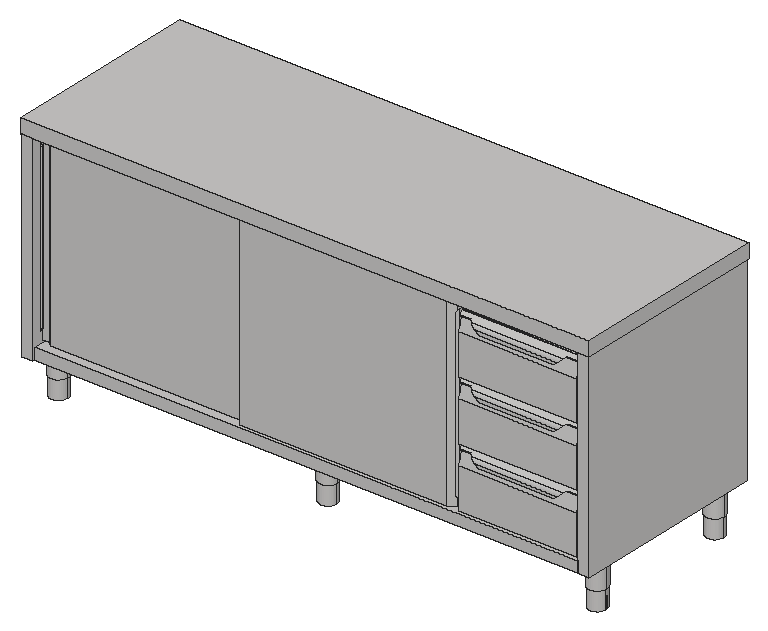
Revit family "QF_ELECTROLUXPROFESSIONAL_133263_MTA2000DXPN", category Attrezzature speciali, Revit 2020
Family settings
  Quota connettore circolare = Usa diametro
  Tipo di parte = Normale
  Basato su piano di lavoro = No
  Sempre verticale = Sì
  Taglio con vuoti quando caricato = No
  Condiviso = No
  Punto di calcolo locali = No
Parameters (values of type "Standard")
  Weight = 80.00 kg
  Watts = 0 W
  Volts = 0 V
  URL Manufacturer = "https://www.electroluxprofessional.com/"
  URL = "https://www.electroluxprofessional.com/"
  Steam Supply Size = 0 mm
  Steam Supply Minimum Pressure = 0.0 Pa
  Steam Supply Maximum Pressure = 0.0 Pa
  Steam Consumption per Hour = 0
  Refrigeration Suction Line Size = 0.0 mm
  Refrigeration Liquid Line Size = 0.0 mm
  Refrigerant Compressor Remote = yes
  Prospetto di default = 0.0 mm
  Phase = 0
  Modello = "MTA2000DXPN"
  Produttore = "Electrolux Professional"
  Length Actual = 2000.0 mm  # constant formula
  Item Number = "133263"
  Hot Water Size = 0 mm
  Height Actual = 900.0 mm  # constant formula
  HP = "0 HP"
  Gas Size = 0 mm
  Gas KW = 0
  Gas Input Pressure = 0 W
  Direct Waste Size = 0 mm
  Descrizione = "TABLE W/3 R/H DRAWERS+2 SLIDING D.2000MM"
  Depth Actual = 700.0 mm  # constant formula
  Cycle = 0 Hz
  Condensate Return Size = 0 mm
  Compressed Air Volume = 0.0 L/s
  Compressed Air Size = 0 mm
  Compressed Air Pressure = 0.0 Pa
  Cold Water Size = 0 mm
  Accessory = yes
Reference planes
  plane 1 "Center (Front/Back)": y = 0
  plane 2: z = 0
  plane 3 "Center Slide Doors": x = -209
  plane 4 "LEFT": x = -1000
  plane 5 "RIGHT": x = 1000
  plane 6 "BACK": y = 350
  plane 7 "FRONT": y = -350
  plane 8 "TOP": z = 900
  plane 9: x = -954
  plane 10: x = 954
  plane 11: y = 270
  plane 12: y = -247
  plane 13 "FEET": z = 150
  plane 14: x = -956.5
  plane 15: y = -344.5
  plane 16: x = 538.5
  plane 17: x = -233.5
  plane 18: x = -184.5
  plane 19 "BaseTop": z = 850
  plane 20: x = -994.5
  plane 21: y = 344.5
  plane 22: x = 536
  plane 23: x = 956.5
  plane 24 "FeetLeft": x = -947
  plane 25: x = 947
  plane 26 "Center (Left/Right)": x = 0
  plane 27: x = 994.5
Forms (mm)
  Extrusion 1, solid, material "QF_Finishes_Stainless Steel"
    sketch origin (0, 0, 150) x (-1, 0, 0) y (0, -1, 0)
      loop
        line (994.5, -350) -> (994.5, 350) -> (956.5, 350) -> (956.5, -350) -> (994.5, -350)
      loop
        line (-956.4, -350) -> (-956.4, 344.5) -> (-994.5, 344.5) -> (-994.5, -350) -> (-956.4, -350)
    from 0 to 700
  Extrusion 2, solid, material "QF_Finishes_Stainless Steel"
    sketch origin (0, 0, 150) x (-1, 0, 0) y (0, -1, 0)
      loop
        line (956.5, -347) -> (956.5, 344.5) -> (-956.5, 344.5) -> (-956.5, -347) -> (956.5, -347)
    from 0 to 40
  Extrusion 3, solid, material "QF_Finishes_Stainless Steel"
    sketch origin (33, 0, 150) x (-1, 0, 0) y (0, -1, 0)
      loop
        line (217.5, 324.5) -> (217.5, 304.5) -> (987, 304.5) -> (987, 319.071) -> (977.942, 328.129) -> (976.312, 326.5) -> (985, 317.812) -> (985, 309.5) -> (966.034, 309.5) -> (946.034, 324.5) -> (217.5, 324.5)
    from 700 to 50
  Extrusion 4, void
    sketch origin (0, -350, 0) x (-1, 0, 0) y (0, 0, 1)
      loop
        line (942.418, 247.973) -> (942.418, 191.4) -> (956.5, 191.4) -> (956.5, 229.369) -> (942.418, 247.973)
      loop
        line (942.418, 816.627) -> (956.5, 835.231) -> (956.5, 850) -> (942.418, 850) -> (942.418, 816.627)
    from 20.5 to 40.5
  Extrusion 5, solid, material "QF_Finishes_Stainless Steel"
    sketch origin (0, 0, 150) x (-1, 0, 0) y (0, -1, 0)
      loop
        line (-956.5, -350) -> (956.5, -350) -> (956.5, -327) -> (-956.5, -327) -> (-956.5, -350)
    from 700 to 40
  Extrusion 6, solid, material "QF_Finishes_Stainless Steel"
    sketch origin (-209, 0, 0) x (0, 1, 0) y (0, 0, 1)
      loop
        line (-350, 900) -> (-350, 850) -> (350, 850) -> (350, 900) -> (-350, 900)
    from 1209 to -791
  Extrusion 7, solid, material "QF_Finishes_Stainless Steel"
    sketch origin (-847, -20, 150) x (1, 0, 0) y (0, 1, 0)
      loop
        line (613.5, -324.5) -> (1344.034, -324.5) -> (1364.034, -309.5) -> (1381, -309.5) -> (1381, -317.812) -> (1374.312, -324.5) -> (1375.942, -326.129) -> (1383, -319.071) -> (1383, -304.5) -> (613.5, -304.5) -> (613.5, -324.5)
    from 700 to 50
  Extrusion 8, void
    sketch origin (-814, -350, 0) x (1, 0, 0) y (0, 0, -1)
      loop
        line (1340.418, -247.973) -> (1352.5, -229.369) -> (1352.5, -191.4) -> (1340.418, -191.4) -> (1340.418, -247.973)
      loop
        line (1340.418, -816.627) -> (1340.418, -850) -> (1352.5, -850) -> (1352.5, -835.231) -> (1340.418, -816.627)
    from 2.49 to 20.5
  Extrusion 9, solid, material "QF_Finishes_Stainless Steel"
    sketch origin (0, 0, 850) x (-1, 0, 0) y (0, -1, 0)
      loop
        line (-956.5, 304.5) -> (-956.5, 299.5) -> (-954, 299.5) -> (-954, 304.5) -> (-956.5, 304.5)
    from 0 to -2
Cuts and joins
  Extrusion 4, Extrusion 8 cuts Extrusion 3
  Extrusion 8 cuts Extrusion 1
  Extrusion 8 cuts Extrusion 6
  Extrusion 8 cuts Extrusion 7
Lines and regions (mm)
  symbolic lines, style "SpecialityEquipment"
    curve 1: line (-1000, 350, 850) -> (1000, 350, 850)
    curve 2: line (-1000, -350, 850) -> (-1000, 350, 850)
    curve 3: line (1000, -350, 850) -> (-1000, -350, 850)
    curve 4: line (1000, 350, 850) -> (1000, -350, 850)
    curve 17: line (-1000, 337, 850) -> (1000, 337, 850)
  symbolic lines, style "SpecialityEquipmentHiddenLines"
    curve 5: line (-233.5, -324.5, 200) -> (-233.5, -344.5, 200)
    curve 6: line (-954, -304.5, 850) -> (-184.5, -304.5, 850)
    curve 7: line (-184.5, -304.5, 850) -> (-184.5, -324.5, 850)
    curve 8: line (-184.5, -324.5, 850) -> (-913.034, -324.5, 850)
    curve 9: line (-913.034, -324.5, 850) -> (-933.034, -309.5, 850)
    curve 10: line (-933.034, -309.5, 850) -> (-954, -309.5, 850)
    curve 11: line (-954, -309.5, 850) -> (-954, -304.5, 850)
    curve 12: line (-233.5, -344.5, 850) -> (497.034, -344.5, 850)
    curve 13: line (497.034, -344.5, 850) -> (517.034, -329.5, 850)
    curve 14: line (517.034, -329.5, 850) -> (536, -329.5, 850)
    curve 15: line (536, -329.5, 850) -> (536, -324.5, 850)
    curve 16: line (536, -324.5, 850) -> (-184.5, -324.5, 850)
Dimensions and locks
  plane 6 "BACK" to plane 7 "FRONT" = 700.0 mm
  equal spacing: plane 6 "BACK", plane 1 "Center (Front/Back)", plane 7 "FRONT"
  locked: plane 13 "FEET" to level at 150
  locked: plane 6 "BACK" to plane 11 at 80
  locked: plane 12 to plane 7 "FRONT" at 103
  plane 17 to plane 18 = 49.0 mm
  equal spacing: plane 17, plane 3 "Center Slide Doors", plane 18
  locked: plane 4 "LEFT" to plane 20 at 5.5
  locked: plane 20 to plane 14 at 38
  plane 15 to plane 7 "FRONT" = 5.5 mm  (x2)
  plane 6 "BACK" to plane 21 = 5.5 mm
  locked: plane 22 to plane 16 at 2.5
  equal spacing: plane 9, plane 3 "Center Slide Doors", plane 22
  locked: plane 9 to plane 22 at 1490
  locked: plane 4 "LEFT" to plane 5 "RIGHT" at 2000
  locked: plane 24 "FeetLeft" to plane 20 at 47.5
  locked: plane 8 "TOP" to level at 900
  locked: plane 27 to plane 5 "RIGHT" at 5.5
  locked: plane 23 to plane 27 at 38
  locked: plane 10 to plane 23 at 2.5
  locked: plane 27 to plane 25 at 47.5
  equal spacing: plane 4 "LEFT", plane 26 "Center (Left/Right)", plane 5 "RIGHT"
  locked: plane 14 to plane 9 at 2.5
  aligned and locked: level to plane 2
  aligned and locked: nested 4 to plane 11
  aligned and locked: nested 3 to plane 11
  aligned and locked: plane 6 "BACK" to Extrusion 1 sketch curve
  aligned and locked: Extrusion 1 sketch curve to plane 6 "BACK"
  aligned and locked: Extrusion 1 sketch curve to plane 7 "FRONT"
  aligned and locked: plane 14 to Extrusion 1
  aligned and locked: Extrusion 2 to plane 14
  aligned and locked: Extrusion 2 to plane 15
  aligned and locked: nested 1 to plane 12
  aligned and locked: nested 2 to plane 12
  aligned and locked: plane 18 to Extrusion 3
  aligned and locked: nested 4 to nested 2
  aligned and locked: Extrusion 5 to plane 14
  aligned and locked: plane 19 "BaseTop" to Extrusion 3
  aligned and locked: plane 19 "BaseTop" to Extrusion 5
  aligned and locked: Extrusion 6 to plane 4 "LEFT"
  aligned and locked: plane 5 "RIGHT" to Extrusion 6
  aligned and locked: plane 23 to Extrusion 2 sketch curve
  aligned and locked: plane 24 "FeetLeft" to nested 1
  aligned and locked: nested 3 to nested 1
  aligned and locked: plane 25 to nested 2
  aligned and locked: nested 5 to plane 26 "Center (Left/Right)"
  aligned and locked: nested 6 to nested 5
  aligned and locked: Extrusion 5 to plane 23
  aligned and locked: plane 27 to cut or joined group of Extrusion 1, Extrusion 8
Automatic sketch dimensions
  Extrusion 1 sketch curve to plane 15 = 0.0 mm
  Extrusion 1 sketch curve to plane 14 = 0.0 mm
  Extrusion 1 sketch curve to plane 20 = 0.0 mm
  plane 23 to Extrusion 1 sketch curve = 0.1 mm
  Extrusion 2 sketch curve to plane 14 = 0.0 mm
  Extrusion 2 sketch curve to plane 15 = 0.0 mm
  plane 21 to Extrusion 2 sketch curve = 2.5 mm
  Extrusion 3 sketch curve to plane 18 = 0.0 mm
  Extrusion 3 sketch curve to plane 9 = 0.0 mm
  plane 24 "FeetLeft" to Extrusion 3 sketch curve = 33.966 mm
  plane 24 "FeetLeft" to Extrusion 3 sketch curve = 13.966 mm
  plane 24 "FeetLeft" to Extrusion 3 sketch curve = 3.688 mm
  plane 24 "FeetLeft" to Extrusion 3 sketch curve = 2.058 mm
  plane 9 to Extrusion 3 sketch curve = 2.0 mm
  plane 15 to Extrusion 3 sketch curve = 40.0 mm
  Extrusion 3 sketch curve to Extrusion 3 sketch curve = 5.0 mm
  Extrusion 3 sketch curve to Extrusion 3 sketch curve = 8.312 mm
  Extrusion 3 sketch curve to Extrusion 3 sketch curve = 1.259 mm
  plane 15 to Extrusion 3 sketch curve = 20.0 mm
  Extrusion 4 sketch curve to plane 19 "BaseTop" = 0.0 mm
  Extrusion 4 sketch curve to plane 14 = 0.0 mm  (x2)
  plane 24 "FeetLeft" to Extrusion 4 sketch curve = 4.582 mm  (x2)
  Extrusion 4 sketch curve to Extrusion 4 sketch curve = 14.769 mm
  Extrusion 4 sketch curve to Extrusion 4 sketch curve = 18.604 mm  (x2)
  plane 13 "FEET" to Extrusion 4 sketch curve = 97.973 mm
  Extrusion 4 sketch curve to Extrusion 4 sketch curve = 37.969 mm
  curve 5 to plane 15 = 0.0 mm
  curve 5 to plane 17 = 0.0 mm
  plane 15 to curve 5 = 20.0 mm
  Extrusion 5 sketch curve to plane 6 "BACK" = 0.0 mm
  Extrusion 5 sketch curve to plane 23 = 0.0 mm
  Extrusion 5 sketch curve to plane 14 = 0.0 mm
  plane 21 to Extrusion 5 sketch curve = 17.5 mm
  curve 17 to plane 5 "RIGHT" = 0.0 mm
  curve 16 to plane 22 = 0.0 mm
  curve 13 to plane 15 = 0.0 mm
  curve 7 to plane 18 = 0.0 mm
  curve 12 to plane 17 = 0.0 mm
  curve 11 to plane 9 = 0.0 mm
  curve 3 to plane 4 "LEFT" = 0.0 mm
  curve 1 to plane 6 "BACK" = 0.0 mm
  curve 3 to plane 7 "FRONT" = 0.0 mm
  curve 14 to curve 14 = 18.966 mm
  curve 13 to curve 13 = 20.0 mm
  plane 24 "FeetLeft" to curve 9 = 33.966 mm
  plane 24 "FeetLeft" to curve 9 = 13.966 mm
  plane 15 to curve 7 = 40.0 mm
  curve 6 to curve 10 = 5.0 mm
  plane 15 to curve 8 = 20.0 mm
  curve 15 to curve 15 = 5.0 mm
  curve 17 to plane 21 = 7.5 mm
  Extrusion 6 sketch curve to plane 7 "FRONT" = 0.0 mm
  Extrusion 6 sketch curve to plane 6 "BACK" = 0.0 mm
  Extrusion 6 sketch curve to plane 19 "BaseTop" = 0.0 mm
  Extrusion 7 sketch curve to plane 17 = 0.0 mm
  Extrusion 7 sketch curve to plane 15 = 0.0 mm  (x2)
  Extrusion 7 sketch curve to plane 22 = 0.0 mm
  plane 22 to Extrusion 7 sketch curve = 38.966 mm
  plane 22 to Extrusion 7 sketch curve = 18.966 mm
  plane 22 to Extrusion 7 sketch curve = 8.688 mm
  plane 15 to Extrusion 7 sketch curve = 1.629 mm
  Extrusion 7 sketch curve to Extrusion 7 sketch curve = 1.629 mm
  plane 22 to Extrusion 7 sketch curve = 2.0 mm
  Extrusion 7 sketch curve to plane 15 = 15.0 mm
  Extrusion 7 sketch curve to Extrusion 7 sketch curve = 5.0 mm
  Extrusion 8 sketch curve to plane 19 "BaseTop" = 0.0 mm
  Extrusion 8 sketch curve to plane 16 = 0.0 mm  (x2)
  plane 22 to Extrusion 8 sketch curve = 9.582 mm  (x2)
  Extrusion 8 sketch curve to Extrusion 8 sketch curve = 14.769 mm
  Extrusion 8 sketch curve to Extrusion 8 sketch curve = 18.604 mm  (x2)
  Extrusion 8 sketch curve to plane 13 "FEET" = 97.973 mm
  Extrusion 8 sketch curve to Extrusion 8 sketch curve = 37.969 mm
  Extrusion 9 sketch curve to plane 23 = 0.0 mm
  Extrusion 9 sketch curve to plane 10 = 0.0 mm
  plane 15 to Extrusion 9 sketch curve = 45.0 mm
  Extrusion 9 sketch curve to Extrusion 9 sketch curve = 5.0 mm
  Extrusion 1 sketch curve to plane 5 "RIGHT" = 5.5 mm
  Extrusion 6 sketch curve to plane 8 "TOP" = 0.0 mm
Nested families
  nested 1: "FEET_D60-150" at (-947, -247, 0), type "FEET_D60-150"
  nested 2: "FEET_D60-150" at (947, -247, 0), type "FEET_D60-150"
  nested 3: "FEET_D60-150" at (-947, 270, 0), type "FEET_D60-150"
  nested 4: "FEET_D60-150" at (947, 270, 0), type "FEET_D60-150"
  nested 5: "FEET_D60-150" at (0, -247, 0), type "FEET_D60-150"
  nested 6: "FEET_D60-150" at (0, 270, 0), type "FEET_D60-150"
  nested 7: "H637_600_3DRAWERS" at (710.458, -304.5, 152) x (1, 0, 0) z (0, -1, 0), type "H637_600_3DRAWERS"
    with Show Clearance yes
Definition of nested family "FEET_D60-150"
  Parameters
    Default Elevation = 0.0 mm
    FEET = 150.0 mm
  Reference planes
    plane 1 "Center (Front/Back)": y = 0
    plane 2: z = 0
    plane 3 "Center (Left/Right)": x = 0
    plane 4: z = 150
  Forms (mm)
    Extrusion 1, solid
      sketch origin (0, 0, 0) x (1, 0, 0) y (0, 1, 0)
        loop
          circle (0, 0) r 28
      from 0 to 67
    Revolve 2, solid
      sketch origin (0, 0, 0) x (1, 0, 0) y (0, 0, 1)
        loop
          line (0, 0) -> (0, 150) -> (-32.939, 150) -> (-32.939, 67) -> (-30, 67) -> (-30, 0) -> (0, 0)
        axis (0, 150) -> (0, 0)
      angle from 0 to 360
  Lines and regions (mm)
    symbolic lines
      curve 1: line (0, -1.503, 0) -> (0, 1.508, 0)
      curve 2: line (1.561, 0, 0) -> (-1.439, 0, 0)
  Dimensions and locks
    "FEET": plane 4 to plane 2
    aligned and locked: level to plane 2
  Automatic sketch dimensions
    plane 1 "Center (Front/Back)" to Extrusion 1 sketch curve = 0.0 mm
    Extrusion 1 sketch curve to plane 3 "Center (Left/Right)" = 0.0 mm
    plane 1 "Center (Front/Back)" to curve 2 = 0.0 mm
    curve 1 to plane 3 "Center (Left/Right)" = 0.0 mm
    curve 2 to plane 3 "Center (Left/Right)" = 1.439 mm
    plane 3 "Center (Left/Right)" to curve 2 = 1.561 mm
    plane 1 "Center (Front/Back)" to curve 1 = 1.503 mm
    curve 1 to plane 1 "Center (Front/Back)" = 1.508 mm
    Revolve 2 sketch curve to plane 4 = 0.0 mm
    Revolve 2 sketch curve to level = 0.0 mm
    Revolve 2 sketch curve to plane 3 "Center (Left/Right)" = 0.0 mm  (x2)
    Revolve 2 sketch curve to plane 3 "Center (Left/Right)" = 30.0 mm
    Revolve 2 sketch curve to plane 3 "Center (Left/Right)" = 32.939 mm
    level to Revolve 2 sketch curve = 67.0 mm
    Revolve 2 sketch curve to level = 42.207 mm
    Revolve 2 sketch curve to Revolve 2 sketch curve = 10.0 mm
    radius of Extrusion 1 sketch curve = 28.0 mm
Definition of nested family "H637_600_3DRAWERS"
  Parameters
    Width = 419.0 mm
    Show Clearance [instance] = yes
    Model = "727995"
    Height = 700.0 mm
    Default Elevation = 0.0 mm
  Reference planes
    plane 1 "Center (Front/Back)": y = 0
    plane 2: z = 0
    plane 3 "Center (Left/Right)": x = 36.042
    plane 4 "panel": z = 25
    plane 5 "Left": x = -173.458
    plane 6 "Right": x = 245.542
    plane 7: y = 700
    plane 8: z = 45
    plane 9: x = 243.542
    plane 10: x = -171.458
    plane 11: y = 676
    plane 12: y = 38
    plane 13: z = 499.734
    plane 14: y = 470
    plane 15: y = 465
    plane 16: y = 259
    plane 17: y = 254
    plane 18: y = 48
  Forms (mm)
    Extrusion 1, solid
      sketch origin (0, -919.2, 0) x (1, 0, 0) y (0, 1, 0)
        loop
          line (-980.5, 2119.2) -> (-980.5, -162.846) -> (881.94, -162.846) -> (881.94, 2119.2) -> (-980.5, 2119.2)
      from 0 to -59.546
    Extrusion 2, solid
      sketch origin (36.042, -645.693, 0) x (0, 1, 0) y (0, 0, 1)
        loop
          line (856.63, 49.734) -> (856.63, 47.734) -> (866.98, 47.734)
          arc (866.98, 47.734) -> (873.586, 46.42) -> (879.186, 42.679) r 17.261
          line (879.186, 42.679) -> (896.019, 25.845) -> (899.693, 25) -> (880.6, 44.093)
          arc (880.6, 44.093) -> (874.351, 48.268) -> (866.98, 49.734) r 19.261
          line (866.98, 49.734) -> (856.63, 49.734)
      from -207.5 to 207.5
    Extrusion 3, solid, detail levels coarse
      sketch origin (0, 0, 0) x (1, 0, 0) y (0, 0, 1)
        loop
          line (-171.458, 40) -> (243.542, 40) -> (243.542, 499.734) -> (-171.458, 499.734) -> (-171.458, 40)
      from -48 to -254
    Extrusion 4, solid
      sketch origin (36.042, -616, 0) x (0, 1, 0) y (0, 0, 1)
        loop
          line (664.4, 40) -> (664.4, 0) -> (870, 0) -> (870, 25) -> (804.797, 40) -> (664.4, 40)
      from 207.5 to -207.5
    Extrusion 5, void
      sketch origin (0, 0, 0) x (1, 0, 0) y (0, 1, 0)
        loop
          line (-99.744, 213.799) -> (-133.705, 243.322) -> (-166.458, 243.322)
          arc (-166.458, 243.322) -> (-169.994, 244.786) -> (-171.458, 248.322) r 5
          line (-171.458, 248.322) -> (-171.458, 210.937) -> (-91.403, 210.937)
          arc (-91.403, 210.937) -> (-95.762, 211.819) -> (-99.744, 213.799) r 17.035
      from 36.678 to 53.74
    Extrusion 6, void
      sketch origin (72.084, 0, 0) x (-1, 0, 0) y (0, -1, 0)
        loop
          arc (-99.744, -213.799) -> (-95.762, -211.819) -> (-91.403, -210.937) r 17.035
          line (-91.403, -210.937) -> (-171.458, -210.937) -> (-171.458, -248.322)
          arc (-171.458, -248.322) -> (-169.994, -244.786) -> (-166.458, -243.322) r 5
          line (-166.458, -243.322) -> (-133.705, -243.322) -> (-99.744, -213.799)
      from 36.678 to 53.74
    Extrusion 7, solid
      sketch origin (36.042, -434.693, 0) x (0, 1, 0) y (0, 0, 1)
        loop
          line (856.63, 49.734) -> (856.63, 47.734) -> (866.98, 47.734)
          arc (866.98, 47.734) -> (873.586, 46.42) -> (879.186, 42.679) r 17.261
          line (879.186, 42.679) -> (896.019, 25.845) -> (899.693, 25) -> (880.6, 44.093)
          arc (880.6, 44.093) -> (874.351, 48.268) -> (866.98, 49.734) r 19.261
          line (866.98, 49.734) -> (856.63, 49.734)
      from -207.5 to 207.5
    Extrusion 8, solid
      sketch origin (36.042, -405, 0) x (0, 1, 0) y (0, 0, 1)
        loop
          line (664, 40) -> (664, 0) -> (870, 0) -> (870, 25) -> (804.797, 40) -> (664, 40)
      from 207.5 to -207.5
    Extrusion 9, void
      sketch origin (0, 211, 0) x (1, 0, 0) y (0, 1, 0)
        loop
          line (-99.744, 213.799) -> (-133.705, 243.322) -> (-166.458, 243.322)
          arc (-166.458, 243.322) -> (-169.994, 244.786) -> (-171.458, 248.322) r 5
          line (-171.458, 248.322) -> (-171.458, 210.937) -> (-91.403, 210.937)
          arc (-91.403, 210.937) -> (-95.762, 211.819) -> (-99.744, 213.799) r 17.035
      from 36.678 to 53.74
    Extrusion 10, void
      sketch origin (72.084, 211, 0) x (-1, 0, 0) y (0, -1, 0)
        loop
          arc (-99.744, -213.799) -> (-95.762, -211.819) -> (-91.403, -210.937) r 17.035
          line (-91.403, -210.937) -> (-171.458, -210.937) -> (-171.458, -248.322)
          arc (-171.458, -248.322) -> (-169.994, -244.786) -> (-166.458, -243.322) r 5
          line (-166.458, -243.322) -> (-133.705, -243.322) -> (-99.744, -213.799)
      from 36.678 to 53.74
    Extrusion 11, solid
      sketch origin (36.042, -223.693, 0) x (0, 1, 0) y (0, 0, 1)
        loop
          line (856.63, 49.734) -> (856.63, 47.734) -> (866.98, 47.734)
          arc (866.98, 47.734) -> (873.586, 46.42) -> (879.186, 42.679) r 17.261
          line (879.186, 42.679) -> (896.019, 25.845) -> (899.693, 25) -> (880.6, 44.093)
          arc (880.6, 44.093) -> (874.351, 48.268) -> (866.98, 49.734) r 19.261
          line (866.98, 49.734) -> (856.63, 49.734)
      from -207.5 to 207.5
    Extrusion 12, solid
      sketch origin (36.042, -194, 0) x (0, 1, 0) y (0, 0, 1)
        loop
          line (664, 40) -> (664, 0) -> (870, 0) -> (870, 25) -> (804.797, 40) -> (664, 40)
      from 207.5 to -207.5
    Extrusion 13, void
      sketch origin (0, 422, 0) x (1, 0, 0) y (0, 1, 0)
        loop
          line (-99.744, 213.799) -> (-133.705, 243.322) -> (-166.458, 243.322)
          arc (-166.458, 243.322) -> (-169.994, 244.786) -> (-171.458, 248.322) r 5
          line (-171.458, 248.322) -> (-171.458, 210.937) -> (-91.403, 210.937)
          arc (-91.403, 210.937) -> (-95.762, 211.819) -> (-99.744, 213.799) r 17.035
      from 36.678 to 53.74
    Extrusion 14, void
      sketch origin (72.084, 422, 0) x (-1, 0, 0) y (0, -1, 0)
        loop
          arc (-99.744, -213.799) -> (-95.762, -211.819) -> (-91.403, -210.937) r 17.035
          line (-91.403, -210.937) -> (-171.458, -210.937) -> (-171.458, -248.322)
          arc (-171.458, -248.322) -> (-169.994, -244.786) -> (-166.458, -243.322) r 5
          line (-166.458, -243.322) -> (-133.705, -243.322) -> (-99.744, -213.799)
      from 36.678 to 53.74
    Extrusion 15, solid, detail levels coarse
      sketch origin (0, 0, 0) x (1, 0, 0) y (0, 0, 1)
        loop
          line (-171.458, 40) -> (243.542, 40) -> (243.542, 499.734) -> (-171.458, 499.734) -> (-171.458, 40)
      from -259 to -465
    Extrusion 16, solid, detail levels coarse
      sketch origin (0, 0, 0) x (1, 0, 0) y (0, 0, 1)
        loop
          line (-171.458, 40) -> (243.542, 40) -> (243.542, 499.734) -> (-171.458, 499.734) -> (-171.458, 40)
      from -470 to -676
  Cuts and joins
    Extrusion 5, Extrusion 6, Extrusion 9, Extrusion 10 cuts Extrusion 2
    Extrusion 5 cuts Extrusion 4
    Extrusion 9, Extrusion 10, Extrusion 13, Extrusion 14 cuts Extrusion 7
    Extrusion 13, Extrusion 14 cuts Extrusion 11
  Lines and regions (mm)
    symbolic lines
      curve 1: line (243.542, 0, 179.734) -> (243.542, 0, 199.734)
      curve 2: line (212.235, 0, 49.734) -> (-171.458, 0, 49.734)
      curve 3: spline (231.959, 0, 44.389) -> (230.421, 0, 45.265) -> (228.856, 0, 46.066) -> (227.265, 0, 46.791) -> (225.651, 0, 47.437) -> (224.017, 0, 48.005) -> (222.365, 0, 48.493) -> (220.698, 0, 48.9) -> (219.019, 0, 49.226) -> (217.331, 0, 49.471) -> (215.636, 0, 49.633) -> (213.936, 0, 49.712) -> (212.236, 0, 49.71)
      curve 4: line (238.456, 0, 40) -> (231.959, 0, 44.389)
      curve 5: line (243.542, 0, 500) -> (-171.458, 0, 500)
      curve 6: line (243.542, 0, 349.734) -> (-171.458, 0, 349.734)
      curve 7: line (243.542, 0, 199.734) -> (-171.458, 0, 199.734)
      curve 8: line (243.542, 0, 480) -> (-171.458, 0, 480)
      curve 9: line (243.542, 0, 329.734) -> (-171.458, 0, 329.734)
      curve 10: line (243.542, 0, 179.734) -> (-171.458, 0, 179.734)
      curve 11: line (-156.458, 0, 49.734) -> (-156.458, 0, 179.734)
      curve 12: line (-156.458, 0, 349.734) -> (-156.458, 0, 480)
      curve 13: line (-156.458, 0, 199.734) -> (-156.458, 0, 329.734)
      curve 14: line (228.542, 0, 49.734) -> (228.542, 0, 179.734)
      curve 15: line (228.542, 0, 349.734) -> (228.542, 0, 480)
      curve 16: line (228.542, 0, 199.734) -> (228.542, 0, 329.734)
      curve 17: line (243.542, 0, 480) -> (243.542, 0, 500)
      curve 18: line (243.542, 0, 329.734) -> (243.542, 0, 349.734)
      curve 19: line (-171.458, 0, 179.734) -> (-171.458, 0, 199.734)
      curve 20: line (-171.458, 0, 480) -> (-171.458, 0, 500)
      curve 21: line (-171.458, 0, 329.734) -> (-171.458, 0, 349.734)
  Dimensions and locks
    plane 4 "panel" to level = 25.0 mm
    "Width": plane 5 "Left" to plane 6 "Right"
    equal spacing: plane 5 "Left", plane 3 "Center (Left/Right)", plane 6 "Right"
    "Height": plane 1 "Center (Front/Back)" to plane 7
    plane 9 to plane 6 "Right" = 2.0 mm
    plane 5 "Left" to plane 10 = 2.0 mm
    plane 7 to plane 11 = 24.0 mm
    plane 1 "Center (Front/Back)" to plane 12 = 38.0 mm
    plane 10 to plane 9 = 415.0 mm
    plane 11 to plane 14 = 206.0 mm
    locked: plane 14 to plane 15 at 5
    plane 15 to plane 16 = 206.0 mm
    locked: plane 16 to plane 17 at 5
    plane 17 to plane 18 = 206.0 mm  (x2)
    plane 16 to plane 17 = 5.0 mm
    plane 14 to plane 15 = 5.0 mm
    plane 16 to plane 15 = 206.0 mm
    plane 14 to plane 11 = 206.0 mm
    aligned and locked: plane 2 to Extrusion 1
    aligned and locked: level to Extrusion 1
    aligned and locked: plane 9 to Extrusion 4
    aligned and locked: plane 10 to Extrusion 4
  Automatic sketch dimensions
    Extrusion 1 sketch curve to Extrusion 1 sketch curve = 1862.44 mm
    Extrusion 1 sketch curve to Extrusion 1 sketch curve = 2282.046 mm
    Extrusion 2 sketch curve to Extrusion 2 sketch curve = 0.0 mm  (x2)
    Extrusion 2 sketch curve to plane 4 "panel" = 0.0 mm
    Extrusion 2 sketch curve to plane 17 = 0.0 mm
    plane 4 "panel" to Extrusion 2 sketch curve = 0.845 mm
    Extrusion 2 sketch curve to plane 17 = 3.674 mm
    Extrusion 2 sketch curve to plane 8 = 0.907 mm
    Extrusion 2 sketch curve to plane 17 = 19.093 mm
    Extrusion 2 sketch curve to plane 8 = 2.321 mm
    Extrusion 2 sketch curve to Extrusion 2 sketch curve = 1.414 mm
    plane 4 "panel" to Extrusion 2 sketch curve = 5.474 mm
    Extrusion 2 sketch curve to Extrusion 2 sketch curve = 12.205 mm
    Extrusion 2 sketch curve to Extrusion 2 sketch curve = 10.351 mm
    Extrusion 4 sketch curve to level = 0.0 mm
    Extrusion 4 sketch curve to plane 4 "panel" = 0.0 mm
    Extrusion 4 sketch curve to plane 17 = 0.0 mm
    Extrusion 4 sketch curve to plane 8 = 5.0 mm
    Extrusion 4 sketch curve to plane 17 = 65.203 mm
    plane 18 to Extrusion 4 sketch curve = 0.4 mm
    Extrusion 7 sketch curve to Extrusion 7 sketch curve = 0.0 mm  (x2)
    Extrusion 7 sketch curve to plane 4 "panel" = 0.0 mm
    Extrusion 7 sketch curve to plane 15 = 0.0 mm
    plane 4 "panel" to Extrusion 7 sketch curve = 0.845 mm
    Extrusion 7 sketch curve to plane 15 = 3.674 mm
    Extrusion 7 sketch curve to plane 8 = 0.907 mm
    Extrusion 7 sketch curve to plane 15 = 19.093 mm
    Extrusion 7 sketch curve to plane 8 = 2.321 mm
    Extrusion 7 sketch curve to Extrusion 7 sketch curve = 1.414 mm
    plane 4 "panel" to Extrusion 7 sketch curve = 5.474 mm
    Extrusion 7 sketch curve to Extrusion 7 sketch curve = 12.205 mm
    Extrusion 7 sketch curve to Extrusion 7 sketch curve = 10.351 mm
    Extrusion 8 sketch curve to plane 16 = 0.0 mm
    Extrusion 8 sketch curve to plane 4 "panel" = 0.0 mm
    Extrusion 8 sketch curve to plane 15 = 0.0 mm
    Extrusion 8 sketch curve to level = 0.0 mm
    Extrusion 8 sketch curve to plane 8 = 5.0 mm
    Extrusion 8 sketch curve to plane 15 = 65.203 mm
    Extrusion 11 sketch curve to Extrusion 11 sketch curve = 0.0 mm  (x2)
    Extrusion 11 sketch curve to plane 4 "panel" = 0.0 mm
    Extrusion 11 sketch curve to plane 11 = 0.0 mm
    plane 4 "panel" to Extrusion 11 sketch curve = 0.845 mm
    Extrusion 11 sketch curve to plane 11 = 3.674 mm
    Extrusion 11 sketch curve to plane 8 = 0.907 mm
    Extrusion 11 sketch curve to plane 11 = 19.093 mm
    Extrusion 11 sketch curve to plane 8 = 2.321 mm
    Extrusion 11 sketch curve to Extrusion 11 sketch curve = 1.414 mm
    plane 4 "panel" to Extrusion 11 sketch curve = 5.474 mm
    Extrusion 11 sketch curve to Extrusion 11 sketch curve = 12.205 mm
    Extrusion 11 sketch curve to Extrusion 11 sketch curve = 10.351 mm
    Extrusion 12 sketch curve to plane 14 = 0.0 mm
    Extrusion 12 sketch curve to plane 4 "panel" = 0.0 mm
    Extrusion 12 sketch curve to plane 11 = 0.0 mm
    Extrusion 12 sketch curve to level = 0.0 mm
    Extrusion 12 sketch curve to plane 8 = 5.0 mm
    Extrusion 12 sketch curve to plane 11 = 65.203 mm
    plane 10 to curve 21 = 0.0 mm
    plane 10 to curve 20 = 0.0 mm
    plane 10 to curve 2 = 0.0 mm
    plane 10 to curve 19 = 0.0 mm
    curve 6 to plane 9 = 0.0 mm
    curve 7 to plane 9 = 0.0 mm
    curve 17 to plane 9 = 0.0 mm
    curve 4 to plane 8 = 0.611 mm
    curve 4 to plane 9 = 11.583 mm
    plane 8 to curve 19 = 134.734 mm
    curve 19 to curve 19 = 20.0 mm
    curve 1 to curve 18 = 130.0 mm
    curve 9 to curve 18 = 20.0 mm
    plane 13 to curve 17 = 19.734 mm
    curve 20 to plane 13 = 0.266 mm
    plane 8 to curve 11 = 4.734 mm
    curve 11 to plane 10 = 15.0 mm
    curve 21 to curve 12 = 15.0 mm
    curve 19 to curve 13 = 15.0 mm
    curve 2 to curve 3 = 19.723 mm
    curve 2 to curve 3 = 0.0 mm
    curve 3 to level = 1.281 mm
    curve 3 to plane 6 "Right" = 32.398 mm
    curve 15 to curve 6 = 15.0 mm
    curve 14 to curve 1 = 15.0 mm
    curve 16 to curve 1 = 15.0 mm
    curve 4 to plane 9 = 5.086 mm
    curve 4 to plane 8 = 5.0 mm
    curve 3 to curve 2 = 0.025 mm
    plane 8 to curve 14 = 4.734 mm
    plane 10 to Extrusion 3 sketch curve = 0.0 mm
    Extrusion 3 sketch curve to plane 9 = 0.0 mm
    Extrusion 3 sketch curve to plane 13 = 0.0 mm
    Extrusion 3 sketch curve to plane 8 = 5.0 mm
    Extrusion 5 sketch curve to plane 10 = 0.0 mm
    Extrusion 5 sketch curve to plane 10 = 5.0 mm
    Extrusion 5 sketch curve to plane 17 = 10.678 mm
    Extrusion 5 sketch curve to Extrusion 5 sketch curve = 32.753 mm
    Extrusion 5 sketch curve to Extrusion 5 sketch curve = 33.961 mm
    Extrusion 5 sketch curve to Extrusion 5 sketch curve = 8.34 mm
    Extrusion 5 sketch curve to Extrusion 5 sketch curve = 9.511 mm
    Extrusion 5 sketch curve to plane 17 = 26.068 mm
    Extrusion 5 sketch curve to Extrusion 5 sketch curve = 14.132 mm
    Extrusion 6 sketch curve to plane 9 = 0.0 mm
    plane 9 to Extrusion 6 sketch curve = 5.0 mm
    plane 17 to Extrusion 6 sketch curve = 10.678 mm
    Extrusion 6 sketch curve to Extrusion 6 sketch curve = 32.753 mm
    Extrusion 6 sketch curve to Extrusion 6 sketch curve = 33.961 mm
    Extrusion 6 sketch curve to Extrusion 6 sketch curve = 8.34 mm
    Extrusion 6 sketch curve to Extrusion 6 sketch curve = 1.171 mm
    plane 17 to Extrusion 6 sketch curve = 26.068 mm
    Extrusion 6 sketch curve to Extrusion 6 sketch curve = 14.132 mm
    Extrusion 9 sketch curve to plane 10 = 0.0 mm
    Extrusion 9 sketch curve to plane 10 = 5.0 mm
    Extrusion 9 sketch curve to plane 15 = 10.678 mm
    Extrusion 9 sketch curve to Extrusion 9 sketch curve = 32.753 mm
    Extrusion 9 sketch curve to Extrusion 9 sketch curve = 33.961 mm
    Extrusion 9 sketch curve to Extrusion 9 sketch curve = 8.34 mm
    Extrusion 9 sketch curve to Extrusion 9 sketch curve = 9.511 mm
    Extrusion 9 sketch curve to plane 15 = 26.068 mm
    Extrusion 9 sketch curve to Extrusion 9 sketch curve = 14.132 mm
    Extrusion 10 sketch curve to plane 9 = 0.0 mm
    plane 9 to Extrusion 10 sketch curve = 5.0 mm
    plane 15 to Extrusion 10 sketch curve = 10.678 mm
    Extrusion 10 sketch curve to Extrusion 10 sketch curve = 32.753 mm
    Extrusion 10 sketch curve to Extrusion 10 sketch curve = 33.961 mm
    Extrusion 10 sketch curve to Extrusion 10 sketch curve = 8.34 mm
    Extrusion 10 sketch curve to Extrusion 10 sketch curve = 1.171 mm
    plane 15 to Extrusion 10 sketch curve = 26.068 mm
    Extrusion 10 sketch curve to Extrusion 10 sketch curve = 14.132 mm
    Extrusion 13 sketch curve to plane 10 = 0.0 mm
    Extrusion 13 sketch curve to plane 10 = 5.0 mm
    Extrusion 13 sketch curve to plane 11 = 10.678 mm
    Extrusion 13 sketch curve to Extrusion 13 sketch curve = 32.753 mm
    Extrusion 13 sketch curve to Extrusion 13 sketch curve = 33.961 mm
    Extrusion 13 sketch curve to Extrusion 13 sketch curve = 8.34 mm
    Extrusion 13 sketch curve to Extrusion 13 sketch curve = 9.511 mm
    Extrusion 13 sketch curve to plane 11 = 26.068 mm
    Extrusion 13 sketch curve to Extrusion 13 sketch curve = 14.132 mm
    Extrusion 14 sketch curve to plane 9 = 0.0 mm
    plane 9 to Extrusion 14 sketch curve = 5.0 mm
    plane 11 to Extrusion 14 sketch curve = 10.678 mm
    Extrusion 14 sketch curve to Extrusion 14 sketch curve = 32.753 mm
    Extrusion 14 sketch curve to Extrusion 14 sketch curve = 33.961 mm
    Extrusion 14 sketch curve to Extrusion 14 sketch curve = 8.34 mm
    Extrusion 14 sketch curve to Extrusion 14 sketch curve = 1.171 mm
    plane 11 to Extrusion 14 sketch curve = 26.068 mm
    Extrusion 14 sketch curve to Extrusion 14 sketch curve = 14.132 mm
    plane 10 to Extrusion 15 sketch curve = 0.0 mm
    Extrusion 15 sketch curve to plane 9 = 0.0 mm
    Extrusion 15 sketch curve to plane 8 = 5.0 mm
    plane 13 to Extrusion 15 sketch curve = 0.0 mm
    plane 10 to Extrusion 16 sketch curve = 0.0 mm
    Extrusion 16 sketch curve to plane 9 = 0.0 mm
    Extrusion 16 sketch curve to plane 8 = 5.0 mm
    plane 8 to Extrusion 16 sketch curve = 454.734 mm
